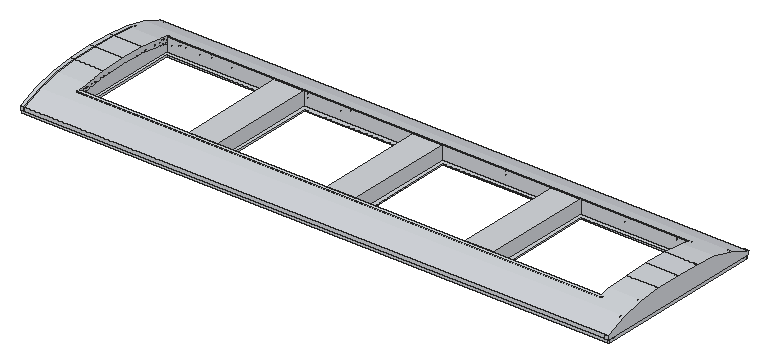
Revit family "Gira_0214331", category Electrical Fixtures, host Face, Revit 2017
Family settings
  Host = Face
  Maintain Annotation Orientation = No
  Round Connector Dimension = Use Diameter
  Part Type = Normal
  Cut with Voids When Loaded = No
  Shared = No
  Room Calculation Point = No
Parameters (values of type "Abdeckrahmen 4f Zwischenr. RW Gira Event Opak Dklbraun")
  Werkstoffgüte = "Thermoplast"
  Werkstoff = "Kunststoff"
  URL = "http://katalog.gira.de/de_DE/datenblatt.html?artikelnr=0214331"
  Transparent = "No"
  Textfeld/Beschriftungsfläche = "No"
  Schutzart (IP) = "IP20"
  Region = "DE"
  Oberfläche = "sonstige"
  Name = "Abdeckrahmen 4f Zwischenr. RW Gira Event Opak Dklbraun"
  Montagerichtung = "horizontal und vertikal"
  Mit Montagerahmen = "No"
  Mit Klappdeckel = "No"
  Manufacturer URL = "https://www.gira.de/"
  Keynote = "Event_Rahmen_4fach"
  HeinzeBIM = "https://bimportal.heinze.de/bim/abdeckrahmen-4f-zwischenr-rw-gira-event-opak-dklbraun/29a2aca03bf36f6b92650a260e191ee61d438113"
  Halogenfrei = "Yes"
  HAN = "0214331"
  Geeignet für Unterputz-Installation = "Yes"
  Geeignet für Unterflurkanaldose = "No"
  Geeignet für Geräteeinbaukanal = "No"
  Geeignet für Einbauinstallation = "No"
  GTIN = "4010337074717"
  Farbe = "braun"
  Default Elevation = 1219.2 mm
  Data sheet (1) = "https://katalog.gira.de/de_DE/download.html?artikelnr=0214331"
  Category = "Abdeckrahmen"
  Befestigungsart = "Klemmbefestigung"
  Available = "Yes"
  Anzahl der Einheiten vertikal = "4 "
  Anzahl der Einheiten horizontal = "4 "
  Anzahl der Einheiten = "4 "
Reference planes
  plane 1 "Center (Front/Back)": y = 0
  plane 2: z = 0
  plane 3 "Center (Left/Right)": x = 0
Forms (mm)
  Extrusion 1, solid, detail levels fine
    sketch origin (0, 0, 0.05) x (0, 1, 0) y (0, 0, 1)
      loop
        arc (12.445, 9.683) -> (6.223, 9.833) -> (0, 9.85) r 291.636
        arc (0, 9.85) -> (-6.223, 9.833) -> (-12.445, 9.683) r 291.636
        arc (-12.445, 9.683) -> (-29.14, 7.482) -> (-45, 1.823) r 79.728
        line (-45, 1.823) -> (-45, -0.05) -> (-42.086, -0.05)
        arc (-42.086, -0.05) -> (-21.385, 5.559) -> (0, 7.206) r 114.424
        arc (0, 7.206) -> (21.385, 5.559) -> (42.086, -0.05) r 114.424
        line (42.086, -0.05) -> (45, -0.05) -> (45, 1.823)
        arc (45, 1.823) -> (29.14, 7.482) -> (12.445, 9.683) r 79.728
    from -151.95 to 151.935
  Extrusion 2, void, detail levels fine
    sketch origin (0, 0, 0) x (1, 0, 0) y (0, 1, 0)
      loop
        line (134.95, 28.035) -> (-134.95, 28.035) -> (-134.95, -28.035) -> (134.95, -28.035) -> (134.95, 28.035)
    from 0.724 to 11
  Extrusion 3, solid, detail levels coarse
    sketch origin (0, 0, 0) x (1, 0, 0) y (0, 1, 0)
      loop
        line (-151.95, 45) -> (-151.95, -45) -> (151.935, -45) -> (151.935, 45) -> (-151.95, 45)
    from -1.5 to 9.9
  Extrusion 4, solid, detail levels medium
    sketch origin (0, 0, 0.05) x (0, 1, 0) y (0, 0, 1)
      loop
        arc (12.445, 9.683) -> (6.223, 9.833) -> (0, 9.85) r 291.636
        arc (0, 9.85) -> (-6.223, 9.833) -> (-12.445, 9.683) r 291.636
        arc (-12.445, 9.683) -> (-29.14, 7.482) -> (-45, 1.823) r 79.728
        line (-45, 1.823) -> (-45, -0.05) -> (45, -0.05) -> (45, 1.823)
        arc (45, 1.823) -> (29.14, 7.482) -> (12.445, 9.683) r 79.728
    from -151.95 to 151.935
  Extrusion 5, solid, detail levels fine
    sketch origin (-106.95, 0, -1.5) x (0, 1, 0) y (0, 0, -1)
      loop
        line (45, -3.373) -> (45, -1.5) -> (-45, -1.5) -> (-45, -3.373)
        arc (-45, -3.373) -> (-29.14, -9.032) -> (-12.445, -11.233) r 79.728
        arc (-12.445, -11.233) -> (-6.223, -11.383) -> (0, -11.4) r 291.636
        arc (0, -11.4) -> (6.223, -11.383) -> (12.445, -11.233) r 291.636
        arc (12.445, -11.233) -> (29.14, -9.032) -> (45, -3.373) r 79.728
    from 43 to 45
  Extrusion 6, solid, detail levels fine
    sketch origin (0, 0, 0) x (1, 0, 0) y (0, 1, 0)
      loop
        line (-132.85, 25.7) -> (-132.85, -25.7) -> (-81.05, -25.7) -> (-81.05, 25.7) -> (-132.85, 25.7)
      loop
        line (-9.755, -25.7) -> (-9.755, 25.7) -> (-61.555, 25.7) -> (-61.555, -25.7) -> (-9.755, -25.7)
      loop
        line (-135.845, 28.49) -> (-135.845, -28.495)
        spline (-135.845, -28.495) -> (-135.836, -28.625) -> (-135.811, -28.754) -> (-135.769, -28.878) -> (-135.711, -28.995) -> (-135.638, -29.104) -> (-135.552, -29.202) -> (-135.454, -29.288) -> (-135.345, -29.361) -> (-135.228, -29.419) -> (-135.104, -29.461) -> (-134.975, -29.486) -> (-134.845, -29.495)
        line (-134.845, -29.495) -> (134.845, -29.495)
        spline (134.845, -29.495) -> (134.975, -29.486) -> (135.104, -29.461) -> (135.228, -29.419) -> (135.345, -29.361) -> (135.454, -29.288) -> (135.552, -29.202) -> (135.638, -29.104) -> (135.711, -28.995) -> (135.769, -28.878) -> (135.811, -28.754) -> (135.836, -28.625) -> (135.845, -28.495)
        line (135.845, -28.495) -> (135.845, 28.49)
        spline (135.845, 28.49) -> (135.836, 28.62) -> (135.811, 28.748) -> (135.769, 28.872) -> (135.711, 28.99) -> (135.638, 29.098) -> (135.552, 29.197) -> (135.454, 29.283) -> (135.345, 29.356) -> (135.228, 29.413) -> (135.104, 29.456) -> (134.975, 29.481) -> (134.845, 29.49)
        line (134.845, 29.49) -> (-134.845, 29.49)
        spline (-134.845, 29.49) -> (-134.975, 29.481) -> (-135.104, 29.456) -> (-135.228, 29.413) -> (-135.345, 29.356) -> (-135.454, 29.283) -> (-135.552, 29.197) -> (-135.638, 29.098) -> (-135.711, 28.99) -> (-135.769, 28.872) -> (-135.811, 28.748) -> (-135.836, 28.62) -> (-135.845, 28.49)
      loop
        line (61.545, -25.7) -> (61.545, 25.7) -> (9.745, 25.7) -> (9.745, -25.7) -> (61.545, -25.7)
      loop
        line (132.85, -25.7) -> (132.85, 25.7) -> (81.05, 25.7) -> (81.05, -25.7) -> (132.85, -25.7)
    from 0.1 to 7.3
  Extrusion 7, solid
    sketch origin (0, 0, 0) x (1, 0, 0) y (0, 1, 0)
      loop
        arc (-151.65, -44.218) -> (-151.504, -44.572) -> (-151.15, -44.718) r 0.5
        line (-151.15, -44.718) -> (151.15, -44.718)
        arc (151.15, -44.718) -> (151.504, -44.572) -> (151.65, -44.218) r 0.5
        line (151.65, -44.218) -> (151.65, 44.182)
        arc (151.65, 44.182) -> (151.504, 44.535) -> (151.15, 44.682) r 0.5
        line (151.15, 44.682) -> (-151.15, 44.682)
        arc (-151.15, 44.682) -> (-151.504, 44.535) -> (-151.65, 44.182) r 0.5
        line (-151.65, 44.182) -> (-151.65, -44.218)
      loop
        line (-149.95, 42.982) -> (-149.95, -43.018) -> (149.95, -43.018) -> (149.95, 42.982) -> (-149.95, 42.982)
    from -1.5 to 0.5
  Extrusion 8, solid, detail levels fine
    sketch origin (106.935, 0, -1.5) x (0, 1, 0) y (0, 0, 1)
      loop
        arc (45, 3.373) -> (29.14, 9.032) -> (12.445, 11.233) r 79.728
        arc (12.445, 11.233) -> (6.223, 11.383) -> (0, 11.4) r 291.636
        arc (0, 11.4) -> (-6.223, 11.383) -> (-12.445, 11.233) r 291.636
        arc (-12.445, 11.233) -> (-29.14, 9.032) -> (-45, 3.373) r 79.728
        line (-45, 3.373) -> (-45, 1.5) -> (45, 1.5) -> (45, 3.373)
    from 43 to 45
  Extrusion 9, solid, detail levels medium
    sketch origin (0, 0, 0) x (1, 0, 0) y (0, 1, 0)
      loop
        line (-151.65, -44.718) -> (151.65, -44.718) -> (151.65, 44.682) -> (-151.65, 44.682) -> (-151.65, -44.718)
    from -1.5 to 0.5
  Extrusion 10, solid, detail levels fine
    sketch origin (-69.857, 0, 0) x (1, 0, 0) y (0, 1, 0)
      loop
        line (-8.943, 28.063) -> (-8.943, -27.937) -> (6.057, -27.937) -> (6.057, 28.063) -> (-8.943, 28.063)
    from 0.724 to 7.566
  Extrusion 11, solid, detail levels fine
    sketch origin (-1.443, 0, 0) x (-1, 0, 0) y (0, -1, 0)
      loop
        line (-8.943, -28.063) -> (6.057, -28.063) -> (6.057, 27.937) -> (-8.943, 27.937) -> (-8.943, -28.063)
    from 0.724 to 7.566
  Extrusion 12, solid, detail levels fine
    sketch origin (69.857, 0, 0) x (-1, 0, 0) y (0, -1, 0)
      loop
        line (-8.943, -28.063) -> (6.057, -28.063) -> (6.057, 27.937) -> (-8.943, 27.937) -> (-8.943, -28.063)
    from 0.724 to 7.566
Cuts and joins
  Extrusion 2 cuts Extrusion 1
  Extrusion 2 cuts Extrusion 6
Dimensions and locks
  aligned and locked: plane 2 to host face
  aligned and locked: level to host face
